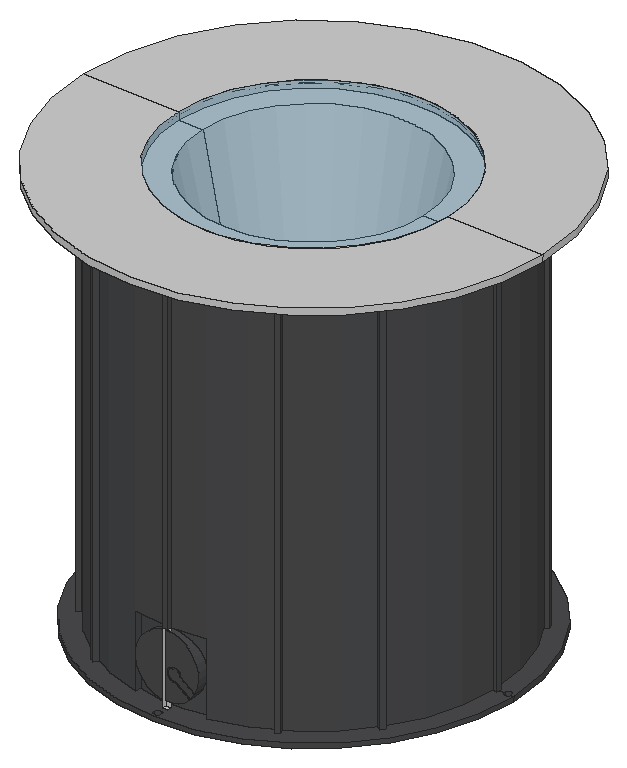
Revit family "LED COB INGROUND 25W_LKP0173WW.38", category Luminarias, Revit 2019
Family settings
  Cota de conector redondo = Diámetro de uso
  Tipo de pieza = Normal
  Se basa en plano de trabajo = Sí
  Siempre vertical = No
  Corte con vacíos al cargar = No
  Origen de luz = Sí
  Compartido = No
  Punto de cálculo de habitación = No
Parameters (values of type "EMP_LKP0173WW.38")
  Ángulo de inclinación = 105.00°
  Ángulo de enfoque = 38.00°
  Ángulo de campo de foco = 38.00°
  Zone [instance] = ""
  Watt per fixture = 28
  Wattage = 28 W
  built-in parameter 1150107 = 3000 (stored number, unit not read)
  built-in parameter 1150110 = 1 (stored number, unit not read)
  built-in parameter 1150109 = 1 (stored number, unit not read)
  built-in parameter 1150112 = 1 (stored number, unit not read)
  built-in parameter 1150113 = 1 (stored number, unit not read)
  built-in parameter 1114218 = 1 (stored number, unit not read)
  Keynote = ""
  built-in parameter 1150137 = (empty or 0)
  built-in parameter 1150132 = (empty or 0)
  Modelo = "LKP0173WW.38"
  Lámpara = "NICHIA"
  Longitud de símbolo de origen de luz = 500 mm
  built-in parameter 1150105 = 208991.8 (stored number, unit not read)
  built-in parameter 1150102 = (empty or 0)
  built-in parameter 1150106 = 2089.9 (stored number, unit not read)
  Lumens = 51772 lm
  Color Filter = 16777215
  built-in parameter 1114217 = 1 (stored number, unit not read)
  built-in parameter 1150139 = (empty or 0)
  Fabricante = "BRILLANT"
  Default Elevation = 0 mm
  built-in parameter 1150104 = 171.78 (stored number, unit not read)
  Descripción = "LUMINARIA TIPO CIRCULAR PARA EMPOTRAR EN PISO CON CUERPO DE ALUMINIO FUNDIDO A PRESION CUBIERTO CON POLVO GRIS OSCURO, CON CUBIERTA DE ACERO INOXIDABLE Y VIDRIO TEMPLADO DE 10MM, HOUSING TIPO ABS DE 222MM DE DIAMETRO Y 220MM DE PROFUNDO. CUENTA CON 1 LED COB TIPO NICHIA CON UNA POTENCIA TOTAL DE 28W, A UNA TEMPERATURA EN BLANCO CALIDO 3000K CON 1849 LUMENES, 240mA EN CORRIENTE DE OPERACIÓN, IP67, IK10, IRC 80, APERTURA EN 38 GRADOS POR PROYECTO, ALIMENTADA A 100-240V"
  built-in parameter 1150115 = 1 (stored number, unit not read)
  built-in parameter 1150114 = 1 (stored number, unit not read)
  Comentarios de vataje = "100-277V"
  built-in parameter 1150138 = (empty or 0)
  built-in parameter 1150134 = (empty or 0)
  Circuit [instance] = ""
  Dimming Lamp Color Temperature Shift = (empty or 0)
  built-in parameter 1150133 = 10 (stored number, unit not read)
Reference planes
  plane 1 "Centro (Frontal/Posterior)": y = 0
  plane 2: z = 0
  plane 3 "Centro (Izquierda/Derecha)": x = 0
  plane 4: z = -220
  plane 5 "PEND": y = 20
  plane 6 "Centro I/E": y = -15
  plane 7: x = -77.5
  plane 8: x = 77.5
Forms (mm)
  Revolve 1, solid, material "Acero Inoxidable"
    sketch origin (0, 0, 0) x (1, 0, 0) y (0, 0, 1)
      loop
        line (-45.029, -71.543) -> (-60.088, -0.696) -> (-73.402, -0.696) -> (-73.402, 3.457) -> (-125, 3.457) -> (-125, 0) -> (-88.648, 0) -> (-88.648, -186.964) -> (0, -186.964) -> (0, -71.543) -> (-45.029, -71.543)
      axis (0, 3.457) -> (0, -186.964)
    angle from 0 to 360
  Extrusion 2, solid, material "Cristal"
    sketch origin (0, 0, 0) x (1, 0, 0) y (0, 1, 0)
      loop
        circle (0, 0) r 73.402
    from 1.93 to 3.457
  Extrusion 3, solid, material "Plastico"
    sketch origin (0, 0, 0) x (1, 0, 0) y (0, 1, 0)
      loop
        circle (0, 0) r 10
    from -190.214 to -188.787
  Extrusion 4, solid, material "Cobre"
    sketch origin (0, 0, 0) x (1, 0, 0) y (0, 1, 0)
      loop
        line (12.101, 0) -> (6.051, 10.48) -> (-6.051, 10.48) -> (-12.101, 0) -> (-6.051, -10.48) -> (6.051, -10.48) -> (12.101, 0)
    from -188.787 to -186.964
  Revolve 5, solid, material "Plastico"
    sketch origin (0, 0, 0) x (1, 0, 0) y (0, 0, 1)
      loop
        line (-111, -0.88) -> (-111, -4.48) -> (-98.565, -4.48) -> (-98.565, -217.5) -> (-109, -217.5) -> (-109, -220) -> (-30.747, -220) -> (0, -220) -> (0, -217.5) -> (-88.629, -217.5) -> (-88.629, -0.88) -> (-111, -0.88)
      axis (0, -0.88) -> (0, -220)
    angle from 0 to 360
  Extrusion 6, solid, material "Plastico"
    sketch origin (0, 0, 0) x (1, 0, 0) y (0, 1, 0)
      loop
        line (-98.55, 1.342) -> (-100.923, 1.342) -> (-100.923, -1.342) -> (-98.55, -1.342)
        arc (-98.55, -1.342) -> (-98.565, 0) -> (-98.55, 1.342) r 59.642
      loop
        line (-80.494, 57.058) -> (-82.572, 58.257) -> (-83.914, 55.932) -> (-81.837, 54.732)
        arc (-81.837, 54.732) -> (-81.178, 55.903) -> (-80.494, 57.058) r 59.642
      loop
        line (-48.112, 86.018) -> (-49.284, 88.048) -> (-51.609, 86.705) -> (-50.437, 84.675)
        arc (-50.437, 84.675) -> (-49.282, 85.36) -> (-48.112, 86.018) r 59.642
      loop
        line (1.342, 98.55) -> (1.342, 100.894) -> (-1.342, 100.894) -> (-1.342, 98.55)
        arc (-1.342, 98.55) -> (0, 98.565) -> (1.342, 98.55) r 59.642
      loop
        arc (98.55, 1.342) -> (98.565, 0) -> (98.55, -1.342) r 59.642
        line (98.55, -1.342) -> (100.923, -1.342) -> (100.923, 1.342) -> (98.55, 1.342)
      loop
        arc (80.494, 57.058) -> (81.178, 55.903) -> (81.837, 54.732) r 59.642
        line (81.837, 54.732) -> (83.914, 55.932) -> (82.572, 58.257) -> (80.494, 57.058)
      loop
        arc (48.112, 86.018) -> (49.282, 85.36) -> (50.437, 84.675) r 59.642
        line (50.437, 84.675) -> (51.609, 86.705) -> (49.284, 88.048) -> (48.112, 86.018)
      loop
        arc (-80.494, -57.058) -> (-81.178, -55.903) -> (-81.837, -54.732) r 59.642
        line (-81.837, -54.732) -> (-83.914, -55.932) -> (-82.572, -58.257) -> (-80.494, -57.058)
      loop
        arc (-48.112, -86.018) -> (-49.282, -85.36) -> (-50.437, -84.675) r 59.642
        line (-50.437, -84.675) -> (-51.609, -86.705) -> (-49.284, -88.048) -> (-48.112, -86.018)
      loop
        arc (1.342, -98.55) -> (0, -98.565) -> (-1.342, -98.55) r 59.642
        line (-1.342, -98.55) -> (-1.342, -100.894) -> (1.342, -100.894) -> (1.342, -98.55)
      loop
        line (80.494, -57.058) -> (82.572, -58.257) -> (83.914, -55.932) -> (81.837, -54.732)
        arc (81.837, -54.732) -> (81.178, -55.903) -> (80.494, -57.058) r 59.642
      loop
        line (48.112, -86.018) -> (49.284, -88.048) -> (51.609, -86.705) -> (50.437, -84.675)
        arc (50.437, -84.675) -> (49.282, -85.36) -> (48.112, -86.018) r 59.642
    from -217.5 to -4.48
  Extrusion 7, void
    sketch origin (3.125, 0, 0) x (1, 0, 0) y (0, 1, 0)
      loop
        circle (-109.02, -0.03) r 1.981
      loop
        circle (-3.095, 105.913) r 1.981
      loop
        circle (-3.095, -105.913) r 1.981
      loop
        circle (102.77, -0.03) r 1.981
    from -220 to -216.767
  Extrusion 8, void
    sketch origin (0, 0, 0) x (1, 0, 0) y (0, 1, 0)
      loop
        line (19.48, -96.621) -> (19.48, -93.23)
        arc (19.48, -93.23) -> (-0.004, -96.149) -> (-19.48, -93.171) r 65.829
        line (-19.48, -93.171) -> (-19.48, -96.621)
        arc (-19.48, -96.621) -> (0, -98.565) -> (19.48, -96.621) r 98.565
    from -217.5 to -178.507
  Extrusion 9, solid, material "Plastico"
    sketch origin (0, 0, 0) x (1, 0, 0) y (0, 0, 1)
      loop
        arc (15.228, -205.467) -> (-13.875, -187.312) -> (12.384, -209.381) r 17.194
        line (12.384, -209.381) -> (4.761, -203.843)
        arc (4.761, -203.843) -> (0.929, -198.068) -> (7.605, -199.928) r 3.698
        line (7.605, -199.928) -> (15.228, -205.467)
      loop
        line (4.897, -203.076) -> (12.864, -208.865) -> (14.886, -206.083) -> (6.918, -200.294)
        arc (6.918, -200.294) -> (1.496, -198.48) -> (4.897, -203.076) r 2.998
    from 93.925 to 99.423
  Extrusion 10, solid, material "Plastico"
    sketch origin (0, 0, 0) x (1, 0, 0) y (0, 1, 0)
      loop
        line (-5.899, 102.697) -> (-5.899, 98.313)
        arc (-5.899, 98.313) -> (0, 98.565) -> (5.899, 98.313) r 69.055
        line (5.899, 98.313) -> (5.899, 102.697)
        arc (5.899, 102.697) -> (0, 102.949) -> (-5.899, 102.697) r 69.055
      loop
        line (-102.697, -5.899) -> (-98.313, -5.899)
        arc (-98.313, -5.899) -> (-98.565, 0) -> (-98.313, 5.899) r 69.055
        line (-98.313, 5.899) -> (-102.697, 5.899)
        arc (-102.697, 5.899) -> (-102.949, 0) -> (-102.697, -5.899) r 69.055
      loop
        arc (-5.899, -102.697) -> (0, -102.949) -> (5.899, -102.697) r 69.055
        line (5.899, -102.697) -> (5.899, -98.313)
        arc (5.899, -98.313) -> (0, -98.565) -> (-5.899, -98.313) r 69.055
        line (-5.899, -98.313) -> (-5.899, -102.697)
      loop
        arc (102.697, -5.899) -> (102.949, 0) -> (102.697, 5.899) r 69.055
        line (102.697, 5.899) -> (98.313, 5.899)
        arc (98.313, 5.899) -> (98.565, 0) -> (98.313, -5.899) r 69.055
        line (98.313, -5.899) -> (102.697, -5.899)
    from -10.055 to -4.48
  Extrusion 11, void
    sketch origin (0, 0, 0) x (1, 0, 0) y (0, 1, 0)
      loop
        line (-1.342, -98.55) -> (-1.342, -100.894) -> (1.342, -100.894) -> (1.342, -98.55) -> (-1.342, -98.55)
    from -217.5 to -178.507
Cuts and joins
  Extrusion 7, Extrusion 8 cuts Revolve 5
  Extrusion 7, Extrusion 11 cuts Revolve 1
  Extrusion 11 cuts Extrusion 6
Dimensions and locks
  plane 2 to plane 4 = 220 mm
  level to plane 4 = 220 mm
  level to Extrusion 3 = 190.214 mm
  plane 3 "Centro (Izquierda/Derecha)" to Revolve 5 sketch curve = 109 mm
  Revolve 1 sketch curve to Revolve 1 sketch curve = 125 mm
  Revolve 5 sketch curve to Revolve 5 sketch curve = 111 mm
  aligned and locked: level to plane 2
Connectors
  electrical at (0, 0, -220)
    settings: on cut or joined group of Revolve 5, Extrusion 7, Extrusion 8, index 1, voltage 277 V, apparent load 0 VA, apparent load phase1 0 VA, apparent load phase2 0 VA, apparent load phase3 0 VA, power factor 1, load classification "Otro", number of poles 1, system type 31, power factor state 1, is connector primary yes, connector utility no, sub classification motor no, connector description ""
